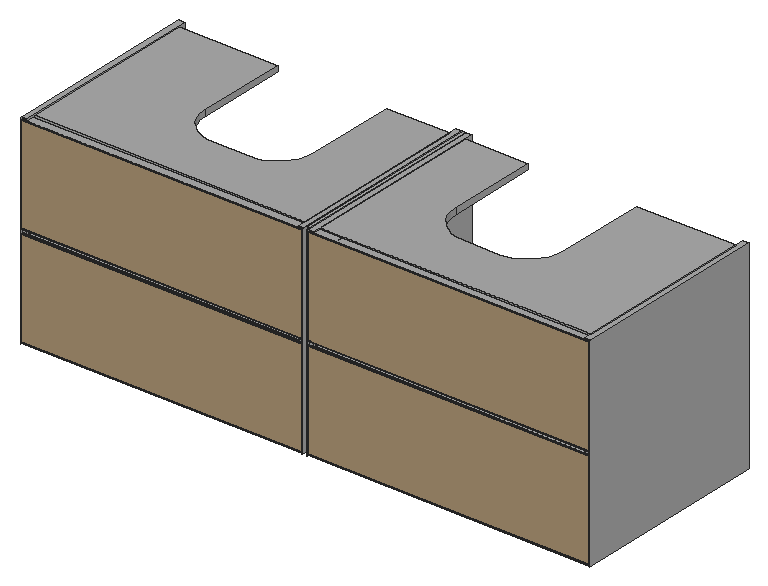
Revit family "vanity unit-hansgrohe-54201XXX-Xevolos E Vanity unit Slate Matt Grey 1570_550 with 4 drawers for consoles with 2 countertop basins ground", category Furniture, Revit 2019
Family settings
  OmniClass Number = 23.40.00.00
  OmniClass Title = Equipment and Furnishings
  Work Plane-Based = No
  Always vertical = Yes
  Cut with Voids When Loaded = No
  Shared = Yes
  Room Calculation Point = No
Parameters (values of type "54201390-SLATE_MATT_GREY-PATTEREND_BRONZE-400")
  etim7_EC011381 = "EC011381"
  WEIGHT = "86.9"
  UNSPSC = "56 | Furniture and Furnishings"
  UNIFORMATII = "E2010 | Fixed Furnishings"
  UNICLASS_2015_CODE = "40_30_78_05"
  UNICLASS2015 = "Pr_40_30_78_05 | Bathroom furniture"
  SURFACE = "PATTEREND_BRONZE"
  REGION = "Worldwide"
  PRODUCTURL = "https://pro.hansgrohe.com/articledetail--54201770"
  PERMALINK = "54201XXX"
  OMNICLASS = "23-21 19 15 33 13 | Residential Bathroom Specialty Casework"
  OBJECTTYPE = "Object (single object)"
  OBERFLAECHE = "SLATE_MATT_GREY"
  NN = "Vanity unit with 4 drawers for consoles with 2 countertop basins ground"
  NBSYN = "$ARTNR.-$OBERFLAECHE.-$SURFACE.-$LODLEVEL."
  NB = "54201390-SLATE_MATT_GREY-PATTEREND_BRONZE-400"
  NAME = "Xevolos E Vanity unit Slate Matt Grey 1570/550 with 4 drawers for consoles with 2 countertop basins ground"
  Model = "54201390-SLATE_MATT_GREY-PATTEREND_BRONZE-400"
  Manufacturer = "Hansgrohe"
  MIdent = "{$CADENAS_DATA/23d-libs/hansgrohe/xevolos_furniture/e_vanity_unit_4drawers_consoles_2countertop_basin/vanity_unit_4drawers_consoles_2countertopbasin.prj},304 {VTYP=3D},{NB=54201390-SLATE_MATT_GREY-PATTEREND_BRONZE-400},{LINA=54201390-SLATE_MATT_GREY-PATTEREND_BRONZE-400},{NN=Vanity unit with 4 drawers for consoles with 2 countertop basins ground},{DATE=13.03.2023 11:55:27},{GEOMDATE=12.03.2023 06:39:00},{VERSION=},{LINEID=160},{WBVAR=LODLEVEL},{WBNUMERIC=}  {NB=54201390-SLATE_MATT_GREY-PATTEREND_BRONZE-400},{LINA=54201390-SLATE_MATT_GREY-PATTEREND_BRONZE-400},{KT=DUMMY},{IDNR=16},{ARTNR=54201390},{BASENUMBER=54201},{MODEL=54201XXX},{OBERFLAECHE=SLATE_MATT_GREY},{SURFACE=PATTEREND_BRONZE},{L=1570},{LODLEVEL=400},{LODLEVELX='400','400','200','200'},{NAME=Xevolos E Vanity unit Slate Matt Grey 1570/550 with 4 drawers for consoles with 2 countertop basins ground},{PERMALINK=54201XXX},{OBJECTTYPE=Object (single object)},{BIMOBJECT=Sanitary: Compound units},{COLLECTIONSET=Xevolos E},{COLLECTION=vanity unit},{WEIGHT=86.9},{DESCRIPTION=Xevolos E Vanity unit Slate Matt Grey 1570/550 with 4 drawers for consoles with 2 countertop basins ground},{PRODUCTURL=https://pro.hansgrohe.com/articledetail--54201770},{GTINCODE=0},{TENDERURL=0},{IFC=Furnishing element},{ETIM=EC011381 | Bathroom furniture set},{UNICLASS2015=Pr_40_30_78_05 | Bathroom furniture},{OMNICLASS=23-21 19 15 33 13 | Residential Bathroom Specialty Casework},{MASTERFORMAT=12 35 30.23 | Bathroom Casework},{UNSPSC=56 | Furniture and Furnishings},{UNIFORMATII=E2010 | Fixed Furnishings},{REGION=Worldwide},{DESIGN=Germany},{MANUFACTURER=Germany}"
  MASTERFORMAT = "12 35 30.23 | Bathroom Casework"
  LODLEVEL = "400"
  LINA = "54201390-SLATE_MATT_GREY-PATTEREND_BRONZE-400"
  L = 1570
  IFC = "Furnishing element"
  IDNR = 16
  ETIM = "EC011381 | Bathroom furniture set"
  DESIGN = "Germany"
  COLLECTIONSET = "Xevolos E"
  COLLECTION = "vanity unit"
  CATALOG = "Hansgrohe"
  BIMOBJECT = "Sanitary: Compound units"
  BASENUMBER = "54201"
  ARTNR = "54201390"
  54201770-SLATE_MATT_GREY-METALLIC_SLATE_GREY-400_RX0RY0RZ0TX0TY0TZ0_V = no
  54201770-SLATE_MATT_GREY-METALLIC_SLATE_GREY-200_RX0RY0RZ0TX0TY0TZ0_V = no
  54201730-SLATE_MATT_GREY-DARK_OAK-400_RX0RY0RZ0TX0TY0TZ0_V = no
  54201730-SLATE_MATT_GREY-DARK_OAK-200_RX0RY0RZ0TX0TY0TZ0_V = no
  54201390-SLATE_MATT_GREY-PATTEREND_BRONZE-400_RX0RY0RZ0TX0TY0TZ0_V = yes
  54201390-SLATE_MATT_GREY-PATTEREND_BRONZE-200_RX0RY0RZ0TX0TY0TZ0_V = no
Reference planes
  plane 1 "Center (Front/Back)": y = 0
  plane 2: z = 0
  plane 3 "Center (Left/Right)": x = 0
Dimensions and locks
  aligned and locked: level to plane 2
Nested families
  nested 1: "54201390-slate_matt_grey-patterend_bronze-200_content" at (0, 0, 0), visible <- "54201390-SLATE_MATT_GREY-PATTEREND_BRONZE-200_RX0RY0RZ0TX0TY0TZ0_V", ContentVisible <- "54201390-SLATE_MATT_GREY-PATTEREND_BRONZE-200_RX0RY0RZ0TX0TY0TZ0_V", type "54201390-SLATE_MATT_GREY-PATTEREND_BRONZE-200_Content"
    with ContentVisible no
  nested 2: "54201390-slate_matt_grey-patterend_bronze-400_content" at (0, 0, 0), visible <- "54201390-SLATE_MATT_GREY-PATTEREND_BRONZE-400_RX0RY0RZ0TX0TY0TZ0_V", ContentVisible <- "54201390-SLATE_MATT_GREY-PATTEREND_BRONZE-400_RX0RY0RZ0TX0TY0TZ0_V", type "54201390-SLATE_MATT_GREY-PATTEREND_BRONZE-400_Content"
    with ContentVisible yes
  nested 3: "54201730-slate_matt_grey-dark_oak-200_content" at (0, 0, 0), visible <- "54201730-SLATE_MATT_GREY-DARK_OAK-200_RX0RY0RZ0TX0TY0TZ0_V", ContentVisible <- "54201730-SLATE_MATT_GREY-DARK_OAK-200_RX0RY0RZ0TX0TY0TZ0_V", type "54201730-SLATE_MATT_GREY-DARK_OAK-200_Content"
    with ContentVisible no
  nested 4: "54201730-slate_matt_grey-dark_oak-400_content" at (0, 0, 0), visible <- "54201730-SLATE_MATT_GREY-DARK_OAK-400_RX0RY0RZ0TX0TY0TZ0_V", ContentVisible <- "54201730-SLATE_MATT_GREY-DARK_OAK-400_RX0RY0RZ0TX0TY0TZ0_V", type "54201730-SLATE_MATT_GREY-DARK_OAK-400_Content"
    with ContentVisible no
  nested 5: "54201770-slate_matt_grey-metallic_slate_grey-200_content" at (0, 0, 0), visible <- "54201770-SLATE_MATT_GREY-METALLIC_SLATE_GREY-200_RX0RY0RZ0TX0TY0TZ0_V", ContentVisible <- "54201770-SLATE_MATT_GREY-METALLIC_SLATE_GREY-200_RX0RY0RZ0TX0TY0TZ0_V", type "54201770-SLATE_MATT_GREY-METALLIC_SLATE_GREY-200_Content"
    with ContentVisible no
  nested 6: "54201770-slate_matt_grey-metallic_slate_grey-400_content" at (0, 0, 0), visible <- "54201770-SLATE_MATT_GREY-METALLIC_SLATE_GREY-400_RX0RY0RZ0TX0TY0TZ0_V", ContentVisible <- "54201770-SLATE_MATT_GREY-METALLIC_SLATE_GREY-400_RX0RY0RZ0TX0TY0TZ0_V", type "54201770-SLATE_MATT_GREY-METALLIC_SLATE_GREY-400_Content"
    with ContentVisible no
Definition of nested family "54201390-slate_matt_grey-patterend_bronze-400_content"
  Parameters (values of type "54201390-SLATE_MATT_GREY-PATTEREND_BRONZE-400_Content")
    etim7_EC011381 = "EC011381"
    WEIGHT = "86.9"
    UNSPSC = "56 | Furniture and Furnishings"
    UNIFORMATII = "E2010 | Fixed Furnishings"
    UNICLASS_2015_CODE = "40_30_78_05"
    UNICLASS2015 = "Pr_40_30_78_05 | Bathroom furniture"
    SURFACE = "PATTEREND_BRONZE"
    REGION = "Worldwide"
    PRODUCTURL = "https://pro.hansgrohe.com/articledetail--54201770"
    PERMALINK = "54201XXX"
    OMNICLASS = "23-21 19 15 33 13 | Residential Bathroom Specialty Casework"
    OBJECTTYPE = "Object (single object)"
    OBERFLAECHE = "SLATE_MATT_GREY"
    NN = "Vanity unit with 4 drawers for consoles with 2 countertop basins ground"
    NBSYN = "$ARTNR.-$OBERFLAECHE.-$SURFACE.-$LODLEVEL."
    NB = "54201390-SLATE_MATT_GREY-PATTEREND_BRONZE-400"
    NAME = "Xevolos E Vanity unit Slate Matt Grey 1570/550 with 4 drawers for consoles with 2 countertop basins ground"
    Model = "54201390-SLATE_MATT_GREY-PATTEREND_BRONZE-400"
    Manufacturer = "Hansgrohe"
    MASTERFORMAT = "12 35 30.23 | Bathroom Casework"
    LODLEVEL = "400"
    LINA = "54201390-SLATE_MATT_GREY-PATTEREND_BRONZE-400"
    L = 1570
    IFC = "Furnishing element"
    IDNR = 16
    ETIM = "EC011381 | Bathroom furniture set"
    Default Elevation = 1219.2 mm
    DESIGN = "Germany"
    ContentVisible [instance] = yes
    COLLECTIONSET = "Xevolos E"
    COLLECTION = "vanity unit"
    CATALOG = "Hansgrohe"
    BIMOBJECT = "Sanitary: Compound units"
    BASENUMBER = "54201"
    ARTNR = "54201390"
  Reference planes
    plane 1 "Center (Front/Back)": y = 0
    plane 2: z = 0
    plane 3 "Center (Left/Right)": x = 0
  Forms (mm)
    Extrusion 1, solid, visible <- "ContentVisible", detail levels medium+fine
      sketch origin (0, 0, 0) x (1, 0, 0) y (0, 1, 0)
        loop
          line (-785, 0) -> (-785, -548.3) -> (-783, -548.3) -> (-783, -544.3) -> (-769, -544.3) -> (-769, 0) -> (-785, 0)
      from 0 to 558
    Extrusion 2, solid, visible <- "ContentVisible", detail levels medium+fine
      sketch origin (0, 0, 0) x (1, 0, 0) y (0, 1, 0)
        loop
          line (-769, -131.5) -> (-769, -498) -> (769, -498) -> (769, -131.5) -> (-769, -131.5)
      from 0 to 16
    Extrusion 3, solid, visible <- "ContentVisible", detail levels medium+fine
      sketch origin (0, 0, 0) x (1, 0, 0) y (0, 1, 0)
        loop
          line (769, 0) -> (769, -544.3) -> (783, -544.3) -> (783, -548.3) -> (785, -548.3) -> (785, 0) -> (769, 0)
      from 0 to 558
    Extrusion 4, solid, visible <- "ContentVisible", detail levels medium+fine
      sketch origin (0, 0, 0.5) x (1, 0, 0) y (0, 1, 0)
        loop
          line (-769, -115.5) -> (-769, -131.5) -> (769, -131.5) -> (769, -115.5) -> (-769, -115.5)
      from 0 to 126
    Extrusion 5, solid, visible <- "ContentVisible", detail levels medium+fine
      sketch origin (0, 0, 0) x (1, 0, 0) y (0, 1, 0)
        loop
          line (-5, -536) -> (5, -536) -> (5, 0) -> (-5, 0) -> (-5, -536)
      from 0 to 558
    Extrusion 6, solid, visible <- "ContentVisible", detail levels medium+fine
      sketch origin (0, 0, 0) x (1, 0, 0) y (0, 1, 0)
        loop
          line (-21, 0) -> (-21, -544.3) -> (-7, -544.3) -> (-7, -548.3) -> (-5, -548.3) -> (-5, 0) -> (-21, 0)
      from 0 to 558
    Extrusion 7, solid, visible <- "ContentVisible", detail levels medium+fine
      sketch origin (0, 0, 0) x (1, 0, 0) y (0, 1, 0)
        loop
          line (5, 0) -> (5, -548.3) -> (7, -548.3) -> (7, -544.3) -> (21, -544.3) -> (21, 0) -> (5, 0)
      from 0 to 558
    Extrusion 8, solid, visible <- "ContentVisible", detail levels medium+fine
      sketch origin (0, 0, 2) x (1, 0, 0) y (0, 1, 0)
        loop
          line (-783, -527) -> (-783, -548.3) -> (-7, -548.3) -> (-7, -527) -> (-783, -527)
      from 0 to 2
    Extrusion 9, solid, visible <- "ContentVisible", detail levels medium+fine
      sketch origin (0, 0, 2) x (1, 0, 0) y (0, 1, 0)
        loop
          line (7, -527) -> (7, -548.3) -> (783, -548.3) -> (783, -527) -> (7, -527)
      from 0 to 2
    Extrusion 10, solid, visible <- "ContentVisible", detail levels medium+fine
      sketch origin (0, 0, 556) x (1, 0, 0) y (0, 1, 0)
        loop
          line (-783, -527) -> (-783, -548.3) -> (-7, -548.3) -> (-7, -527) -> (-783, -527)
      from -2 to 0
    Extrusion 11, solid, visible <- "ContentVisible", detail levels medium+fine
      sketch origin (0, 0, 556) x (1, 0, 0) y (0, 1, 0)
        loop
          line (7, -527) -> (7, -548.3) -> (783, -548.3) -> (783, -527) -> (7, -527)
      from -2 to 0
    Extrusion 12, solid, visible <- "ContentVisible", detail levels medium+fine
      sketch origin (0, -544.3, 0) x (1, 0, 0) y (0, 0, -1)
        loop
          line (-783, -272.5) -> (-7, -272.5) -> (-7, -4) -> (-783, -4) -> (-783, -272.5)
      from -4 to 0
    Extrusion 13, solid, visible <- "ContentVisible", detail levels medium+fine
      sketch origin (0, -544.3, 0) x (1, 0, 0) y (0, 0, -1)
        loop
          line (7, -272.5) -> (783, -272.5) -> (783, -4) -> (7, -4) -> (7, -272.5)
      from -2 to 0
    Extrusion 14, solid, visible <- "ContentVisible", detail levels medium+fine
      sketch origin (0, -544.3, 0) x (1, 0, 0) y (0, 0, -1)
        loop
          line (-783, -554) -> (-7, -554) -> (-7, -285.5) -> (-783, -285.5) -> (-783, -554)
      from -4 to 0
    Extrusion 15, solid, visible <- "ContentVisible", detail levels medium+fine
      sketch origin (0, -544.3, 0) x (1, 0, 0) y (0, 0, -1)
        loop
          line (7, -554) -> (783, -554) -> (783, -285.5) -> (7, -285.5) -> (7, -554)
      from -4 to 0
    Extrusion 16, solid, visible <- "ContentVisible", detail levels medium+fine
      sketch origin (0, 0, 272.5) x (1, 0, 0) y (0, 1, 0)
        loop
          line (-783, -527) -> (-783, -548.3) -> (-7, -548.3) -> (-7, -527) -> (-783, -527)
      from 0 to 2
    Extrusion 17, solid, visible <- "ContentVisible", detail levels medium+fine
      sketch origin (0, 0, 272.5) x (1, 0, 0) y (0, 1, 0)
        loop
          line (7, -527) -> (7, -548.3) -> (783, -548.3) -> (783, -527) -> (7, -527)
      from 0 to 2
    Extrusion 18, solid, visible <- "ContentVisible", detail levels medium+fine
      sketch origin (0, 0, 285.5) x (1, 0, 0) y (0, 1, 0)
        loop
          line (-783, -527) -> (-783, -548.3) -> (-7, -548.3) -> (-7, -527) -> (-783, -527)
      from -2 to 0
    Extrusion 19, solid, visible <- "ContentVisible", detail levels medium+fine
      sketch origin (0, 0, 285.5) x (1, 0, 0) y (0, 1, 0)
        loop
          line (7, -527) -> (7, -548.3) -> (783, -548.3) -> (783, -527) -> (7, -527)
      from -2 to 0
    Extrusion 20, solid, visible <- "ContentVisible", detail levels medium+fine
      sketch origin (0, -544.3, 0) x (1, 0, 0) y (0, 0, -1)
        loop
          line (-783, -274.5) -> (-7, -274.5) -> (-7, -4.5) -> (-783, -4.5) -> (-783, -274.5)
        loop
          line (-709, -80.5) -> (-709, -272.5) -> (-81, -272.5) -> (-81, -80.5) -> (-709, -80.5)
      from 0 to 17
    Extrusion 21, solid, visible <- "ContentVisible", detail levels medium+fine
      sketch origin (0, -544.3, 0) x (1, 0, 0) y (0, 0, -1)
        loop
          line (7, -274.5) -> (783, -274.5) -> (783, -4.5) -> (7, -4.5) -> (7, -274.5)
        loop
          line (81, -80.5) -> (81, -272.5) -> (709, -272.5) -> (709, -80.5) -> (81, -80.5)
      from 0 to 17
    Extrusion 22, solid, visible <- "ContentVisible", detail levels medium+fine
      sketch origin (0, -544.3, 0) x (1, 0, 0) y (0, 0, -1)
        loop
          line (-783, -553.5) -> (-707, -553.5) -> (-707, -361.5) -> (-83, -361.5) -> (-83, -553.5) -> (-7, -553.5) -> (-7, -285.5) -> (-783, -285.5) -> (-783, -553.5)
      from 0 to 17
    Extrusion 23, solid, visible <- "ContentVisible", detail levels medium+fine
      sketch origin (0, -544.3, 0) x (1, 0, 0) y (0, 0, -1)
        loop
          line (7, -285.5) -> (7, -553.5) -> (83, -553.5) -> (83, -361.5) -> (707, -361.5) -> (707, -553.5) -> (783, -553.5) -> (783, -285.5) -> (7, -285.5)
      from 0 to 17
    Extrusion 24, solid, visible <- "ContentVisible", detail levels medium+fine
      sketch origin (0, 0, 0) x (0, 0, -1) y (0, 1, 0)
        loop
          line (-285, -395.5) -> (-285, -520) -> (-269, -520) -> (-269, -395.5) -> (-285, -395.5)
      from -769 to 769
    Extrusion 25, solid, visible <- "ContentVisible", detail levels medium+fine
      sketch origin (0, 0, 557.5) x (1, 0, 0) y (0, 1, 0)
        loop
          line (-769, -521.5) -> (-21, -521.5) -> (-21, -23) -> (-195, -23) -> (-195, -273)
          arc (-195, -273) -> (-224.289, -343.711) -> (-295, -373) r 100
          line (-295, -373) -> (-395, -373)
          arc (-395, -373) -> (-465.711, -343.711) -> (-495, -273) r 100
          line (-495, -273) -> (-495, -23) -> (-769, -23) -> (-769, -521.5)
      from -16 to 0
    Extrusion 26, solid, visible <- "ContentVisible", detail levels medium+fine
      sketch origin (0, 0, 557.5) x (1, 0, 0) y (0, 1, 0)
        loop
          line (21, -23) -> (21, -521.5) -> (769, -521.5) -> (769, -23) -> (495, -23) -> (495, -273)
          arc (495, -273) -> (465.711, -343.711) -> (395, -373) r 100
          line (395, -373) -> (295, -373)
          arc (295, -373) -> (224.289, -343.711) -> (195, -273) r 100
          line (195, -273) -> (195, -23) -> (21, -23)
      from -16 to 0
    Extrusion 27, solid, visible <- "ContentVisible", detail levels coarse
      sketch origin (0, -274.15, 0) x (1, 0, 0) y (0, 1, 0)
        loop
          line (-785, -274.15) -> (785, -274.15) -> (785, 274.15) -> (-785, 274.15) -> (-785, -274.15)
      from 0 to 558
  Dimensions and locks
    aligned and locked: level to plane 2
Definition of nested family "54201390-slate_matt_grey-patterend_bronze-200_content"
  Parameters (values of type "54201390-SLATE_MATT_GREY-PATTEREND_BRONZE-200_Content")
    etim7_EC011381 = "EC011381"
    WEIGHT = "86.9"
    UNSPSC = "56 | Furniture and Furnishings"
    UNIFORMATII = "E2010 | Fixed Furnishings"
    UNICLASS_2015_CODE = "40_30_78_05"
    UNICLASS2015 = "Pr_40_30_78_05 | Bathroom furniture"
    SURFACE = "PATTEREND_BRONZE"
    REGION = "Worldwide"
    PRODUCTURL = "https://pro.hansgrohe.com/articledetail--54201770"
    PERMALINK = "54201XXX"
    OMNICLASS = "23-21 19 15 33 13 | Residential Bathroom Specialty Casework"
    OBJECTTYPE = "Object (single object)"
    OBERFLAECHE = "SLATE_MATT_GREY"
    NN = "Vanity unit with 4 drawers for consoles with 2 countertop basins ground"
    NBSYN = "$ARTNR.-$OBERFLAECHE.-$SURFACE.-$LODLEVEL."
    NB = "54201390-SLATE_MATT_GREY-PATTEREND_BRONZE-200"
    NAME = "Xevolos E Vanity unit Slate Matt Grey 1570/550 with 4 drawers for consoles with 2 countertop basins ground"
    Model = "54201390-SLATE_MATT_GREY-PATTEREND_BRONZE-200"
    Manufacturer = "Hansgrohe"
    MASTERFORMAT = "12 35 30.23 | Bathroom Casework"
    LODLEVEL = "200"
    LINA = "54201390-SLATE_MATT_GREY-PATTEREND_BRONZE-200"
    L = 1570
    IFC = "Furnishing element"
    IDNR = 16
    ETIM = "EC011381 | Bathroom furniture set"
    Default Elevation = 1219.2 mm
    DESIGN = "Germany"
    ContentVisible [instance] = yes
    COLLECTIONSET = "Xevolos E"
    COLLECTION = "vanity unit"
    CATALOG = "Hansgrohe"
    BIMOBJECT = "Sanitary: Compound units"
    BASENUMBER = "54201"
    ARTNR = "54201390"
  Reference planes
    plane 1 "Center (Front/Back)": y = 0
    plane 2: z = 0
    plane 3 "Center (Left/Right)": x = 0
  Forms (mm)
    Extrusion 1, solid, visible <- "ContentVisible", detail levels medium+fine
      sketch origin (0, 0, 0) x (1, 0, 0) y (0, 1, 0)
        loop
          line (-785, 0) -> (-785, -544.3) -> (785, -544.3) -> (785, 0) -> (-785, 0)
      from 0 to 558
    Extrusion 2, solid, visible <- "ContentVisible", detail levels medium+fine
      sketch origin (0, -544.3, 0) x (1, 0, 0) y (0, 0, -1)
        loop
          line (-785, -278) -> (-783, -278) -> (-783, -4) -> (783, -4) -> (783, -278) -> (785, -278) -> (785, -2) -> (-785, -2) -> (-785, -278)
      from -4 to 0
    Extrusion 3, solid, visible <- "ContentVisible", detail levels medium+fine
      sketch origin (0, -544.3, 0) x (1, 0, 0) y (0, 0, -1)
        loop
          line (-785, -278) -> (-785, -554) -> (785, -554) -> (785, -278) -> (783, -278) -> (783, -552) -> (-783, -552) -> (-783, -278) -> (-785, -278)
      from -4 to 0
    Extrusion 4, solid, visible <- "ContentVisible", detail levels medium+fine
      sketch origin (0, -544.3, 0) x (1, 0, 0) y (0, 0, -1)
        loop
          line (-783, -272.5) -> (-7, -272.5) -> (-7, -4) -> (-783, -4) -> (-783, -272.5)
      from -4 to 0
    Extrusion 5, solid, visible <- "ContentVisible", detail levels medium+fine
      sketch origin (0, -544.3, 0) x (1, 0, 0) y (0, 0, -1)
        loop
          line (7, -272.5) -> (783, -272.5) -> (783, -4) -> (7, -4) -> (7, -272.5)
      from -2 to 0
    Extrusion 6, solid, visible <- "ContentVisible", detail levels medium+fine
      sketch origin (0, -544.3, 0) x (1, 0, 0) y (0, 0, -1)
        loop
          line (-783, -554) -> (-7, -554) -> (-7, -285.5) -> (-783, -285.5) -> (-783, -554)
      from -4 to 0
    Extrusion 7, solid, visible <- "ContentVisible", detail levels medium+fine
      sketch origin (0, -544.3, 0) x (1, 0, 0) y (0, 0, -1)
        loop
          line (7, -554) -> (783, -554) -> (783, -285.5) -> (7, -285.5) -> (7, -554)
      from -4 to 0
    Extrusion 8, solid, visible <- "ContentVisible", detail levels medium+fine
      sketch origin (0, 0, 272.5) x (1, 0, 0) y (0, 1, 0)
        loop
          line (-783, -527) -> (-783, -548.3) -> (-7, -548.3) -> (-7, -527) -> (-783, -527)
      from 0 to 2
    Extrusion 9, solid, visible <- "ContentVisible", detail levels medium+fine
      sketch origin (0, 0, 272.5) x (1, 0, 0) y (0, 1, 0)
        loop
          line (7, -527) -> (7, -548.3) -> (783, -548.3) -> (783, -527) -> (7, -527)
      from 0 to 2
    Extrusion 10, solid, visible <- "ContentVisible", detail levels medium+fine
      sketch origin (0, 0, 285.5) x (1, 0, 0) y (0, 1, 0)
        loop
          line (-783, -527) -> (-783, -548.3) -> (-7, -548.3) -> (-7, -527) -> (-783, -527)
      from -2 to 0
    Extrusion 11, solid, visible <- "ContentVisible", detail levels medium+fine
      sketch origin (0, 0, 285.5) x (1, 0, 0) y (0, 1, 0)
        loop
          line (7, -527) -> (7, -548.3) -> (783, -548.3) -> (783, -527) -> (7, -527)
      from -2 to 0
    Extrusion 12, solid, visible <- "ContentVisible", detail levels medium+fine
      sketch origin (0, 0, 0) x (1, 0, 0) y (0, 1, 0)
        loop
          line (-7, -544.3) -> (-7, -548.3) -> (-5, -548.3) -> (-5, -544.3) -> (-7, -544.3)
      from 0 to 554
    Extrusion 13, solid, visible <- "ContentVisible", detail levels medium+fine
      sketch origin (0, 0, 0) x (1, 0, 0) y (0, 1, 0)
        loop
          line (5, -544.3) -> (5, -548.3) -> (7, -548.3) -> (7, -544.3) -> (5, -544.3)
      from 0 to 554
    Extrusion 14, solid, visible <- "ContentVisible", detail levels coarse
      sketch origin (0, -274.15, 0) x (1, 0, 0) y (0, 1, 0)
        loop
          line (-785, -274.15) -> (785, -274.15) -> (785, 274.15) -> (-785, 274.15) -> (-785, -274.15)
      from 0 to 558
  Dimensions and locks
    aligned and locked: level to plane 2
Definition of nested family "54201730-slate_matt_grey-dark_oak-200_content"
  Parameters (values of type "54201730-SLATE_MATT_GREY-DARK_OAK-200_Content")
    etim7_EC011381 = "EC011381"
    WEIGHT = "86.9"
    UNSPSC = "56 | Furniture and Furnishings"
    UNIFORMATII = "E2010 | Fixed Furnishings"
    UNICLASS_2015_CODE = "40_30_78_05"
    UNICLASS2015 = "Pr_40_30_78_05 | Bathroom furniture"
    SURFACE = "DARK_OAK"
    REGION = "Worldwide"
    PRODUCTURL = "https://pro.hansgrohe.com/articledetail--54201770"
    PERMALINK = "54201XXX"
    OMNICLASS = "23-21 19 15 33 13 | Residential Bathroom Specialty Casework"
    OBJECTTYPE = "Object (single object)"
    OBERFLAECHE = "SLATE_MATT_GREY"
    NN = "Vanity unit with 4 drawers for consoles with 2 countertop basins ground"
    NBSYN = "$ARTNR.-$OBERFLAECHE.-$SURFACE.-$LODLEVEL."
    NB = "54201730-SLATE_MATT_GREY-DARK_OAK-200"
    NAME = "Xevolos E Vanity unit Slate Matt Grey 1570/550 with 4 drawers for consoles with 2 countertop basins ground"
    Model = "54201730-SLATE_MATT_GREY-DARK_OAK-200"
    Manufacturer = "Hansgrohe"
    MASTERFORMAT = "12 35 30.23 | Bathroom Casework"
    LODLEVEL = "200"
    LINA = "54201730-SLATE_MATT_GREY-DARK_OAK-200"
    L = 1570
    IFC = "Furnishing element"
    IDNR = 17
    ETIM = "EC011381 | Bathroom furniture set"
    Default Elevation = 1219.2 mm
    DESIGN = "Germany"
    ContentVisible [instance] = yes
    COLLECTIONSET = "Xevolos E"
    COLLECTION = "vanity unit"
    CATALOG = "Hansgrohe"
    BIMOBJECT = "Sanitary: Compound units"
    BASENUMBER = "54201"
    ARTNR = "54201730"
  Reference planes
    plane 1 "Center (Front/Back)": y = 0
    plane 2: z = 0
    plane 3 "Center (Left/Right)": x = 0
  Forms (mm)
    Extrusion 1, solid, visible <- "ContentVisible", detail levels medium+fine
      sketch origin (0, 0, 0) x (1, 0, 0) y (0, 1, 0)
        loop
          line (-785, 0) -> (-785, -544.3) -> (785, -544.3) -> (785, 0) -> (-785, 0)
      from 0 to 558
    Extrusion 2, solid, visible <- "ContentVisible", detail levels medium+fine
      sketch origin (0, -544.3, 0) x (1, 0, 0) y (0, 0, -1)
        loop
          line (-785, -278) -> (-783, -278) -> (-783, -4) -> (783, -4) -> (783, -278) -> (785, -278) -> (785, -2) -> (-785, -2) -> (-785, -278)
      from -4 to 0
    Extrusion 3, solid, visible <- "ContentVisible", detail levels medium+fine
      sketch origin (0, -544.3, 0) x (1, 0, 0) y (0, 0, -1)
        loop
          line (-785, -278) -> (-785, -554) -> (785, -554) -> (785, -278) -> (783, -278) -> (783, -552) -> (-783, -552) -> (-783, -278) -> (-785, -278)
      from -4 to 0
    Extrusion 4, solid, visible <- "ContentVisible", detail levels medium+fine
      sketch origin (0, -544.3, 0) x (1, 0, 0) y (0, 0, -1)
        loop
          line (-783, -272.5) -> (-7, -272.5) -> (-7, -4) -> (-783, -4) -> (-783, -272.5)
      from -4 to 0
    Extrusion 5, solid, visible <- "ContentVisible", detail levels medium+fine
      sketch origin (0, -544.3, 0) x (1, 0, 0) y (0, 0, -1)
        loop
          line (7, -272.5) -> (783, -272.5) -> (783, -4) -> (7, -4) -> (7, -272.5)
      from -2 to 0
    Extrusion 6, solid, visible <- "ContentVisible", detail levels medium+fine
      sketch origin (0, -544.3, 0) x (1, 0, 0) y (0, 0, -1)
        loop
          line (-783, -554) -> (-7, -554) -> (-7, -285.5) -> (-783, -285.5) -> (-783, -554)
      from -4 to 0
    Extrusion 7, solid, visible <- "ContentVisible", detail levels medium+fine
      sketch origin (0, -544.3, 0) x (1, 0, 0) y (0, 0, -1)
        loop
          line (7, -554) -> (783, -554) -> (783, -285.5) -> (7, -285.5) -> (7, -554)
      from -4 to 0
    Extrusion 8, solid, visible <- "ContentVisible", detail levels medium+fine
      sketch origin (0, 0, 272.5) x (1, 0, 0) y (0, 1, 0)
        loop
          line (-783, -527) -> (-783, -548.3) -> (-7, -548.3) -> (-7, -527) -> (-783, -527)
      from 0 to 2
    Extrusion 9, solid, visible <- "ContentVisible", detail levels medium+fine
      sketch origin (0, 0, 272.5) x (1, 0, 0) y (0, 1, 0)
        loop
          line (7, -527) -> (7, -548.3) -> (783, -548.3) -> (783, -527) -> (7, -527)
      from 0 to 2
    Extrusion 10, solid, visible <- "ContentVisible", detail levels medium+fine
      sketch origin (0, 0, 285.5) x (1, 0, 0) y (0, 1, 0)
        loop
          line (-783, -527) -> (-783, -548.3) -> (-7, -548.3) -> (-7, -527) -> (-783, -527)
      from -2 to 0
    Extrusion 11, solid, visible <- "ContentVisible", detail levels medium+fine
      sketch origin (0, 0, 285.5) x (1, 0, 0) y (0, 1, 0)
        loop
          line (7, -527) -> (7, -548.3) -> (783, -548.3) -> (783, -527) -> (7, -527)
      from -2 to 0
    Extrusion 12, solid, visible <- "ContentVisible", detail levels medium+fine
      sketch origin (0, 0, 0) x (1, 0, 0) y (0, 1, 0)
        loop
          line (-7, -544.3) -> (-7, -548.3) -> (-5, -548.3) -> (-5, -544.3) -> (-7, -544.3)
      from 0 to 554
    Extrusion 13, solid, visible <- "ContentVisible", detail levels medium+fine
      sketch origin (0, 0, 0) x (1, 0, 0) y (0, 1, 0)
        loop
          line (5, -544.3) -> (5, -548.3) -> (7, -548.3) -> (7, -544.3) -> (5, -544.3)
      from 0 to 554
    Extrusion 14, solid, visible <- "ContentVisible", detail levels coarse
      sketch origin (0, -274.15, 0) x (1, 0, 0) y (0, 1, 0)
        loop
          line (-785, -274.15) -> (785, -274.15) -> (785, 274.15) -> (-785, 274.15) -> (-785, -274.15)
      from 0 to 558
  Dimensions and locks
    aligned and locked: level to plane 2
Definition of nested family "54201730-slate_matt_grey-dark_oak-400_content"
  Parameters (values of type "54201730-SLATE_MATT_GREY-DARK_OAK-400_Content")
    etim7_EC011381 = "EC011381"
    WEIGHT = "86.9"
    UNSPSC = "56 | Furniture and Furnishings"
    UNIFORMATII = "E2010 | Fixed Furnishings"
    UNICLASS_2015_CODE = "40_30_78_05"
    UNICLASS2015 = "Pr_40_30_78_05 | Bathroom furniture"
    SURFACE = "DARK_OAK"
    REGION = "Worldwide"
    PRODUCTURL = "https://pro.hansgrohe.com/articledetail--54201770"
    PERMALINK = "54201XXX"
    OMNICLASS = "23-21 19 15 33 13 | Residential Bathroom Specialty Casework"
    OBJECTTYPE = "Object (single object)"
    OBERFLAECHE = "SLATE_MATT_GREY"
    NN = "Vanity unit with 4 drawers for consoles with 2 countertop basins ground"
    NBSYN = "$ARTNR.-$OBERFLAECHE.-$SURFACE.-$LODLEVEL."
    NB = "54201730-SLATE_MATT_GREY-DARK_OAK-400"
    NAME = "Xevolos E Vanity unit Slate Matt Grey 1570/550 with 4 drawers for consoles with 2 countertop basins ground"
    Model = "54201730-SLATE_MATT_GREY-DARK_OAK-400"
    Manufacturer = "Hansgrohe"
    MASTERFORMAT = "12 35 30.23 | Bathroom Casework"
    LODLEVEL = "400"
    LINA = "54201730-SLATE_MATT_GREY-DARK_OAK-400"
    L = 1570
    IFC = "Furnishing element"
    IDNR = 17
    ETIM = "EC011381 | Bathroom furniture set"
    Default Elevation = 1219.2 mm
    DESIGN = "Germany"
    ContentVisible [instance] = yes
    COLLECTIONSET = "Xevolos E"
    COLLECTION = "vanity unit"
    CATALOG = "Hansgrohe"
    BIMOBJECT = "Sanitary: Compound units"
    BASENUMBER = "54201"
    ARTNR = "54201730"
  Reference planes
    plane 1 "Center (Front/Back)": y = 0
    plane 2: z = 0
    plane 3 "Center (Left/Right)": x = 0
  Forms (mm)
    Extrusion 1, solid, visible <- "ContentVisible", detail levels medium+fine
      sketch origin (0, 0, 0) x (1, 0, 0) y (0, 1, 0)
        loop
          line (-785, 0) -> (-785, -548.3) -> (-783, -548.3) -> (-783, -544.3) -> (-769, -544.3) -> (-769, 0) -> (-785, 0)
      from 0 to 558
    Extrusion 2, solid, visible <- "ContentVisible", detail levels medium+fine
      sketch origin (0, 0, 0) x (1, 0, 0) y (0, 1, 0)
        loop
          line (-769, -131.5) -> (-769, -498) -> (769, -498) -> (769, -131.5) -> (-769, -131.5)
      from 0 to 16
    Extrusion 3, solid, visible <- "ContentVisible", detail levels medium+fine
      sketch origin (0, 0, 0) x (1, 0, 0) y (0, 1, 0)
        loop
          line (769, 0) -> (769, -544.3) -> (783, -544.3) -> (783, -548.3) -> (785, -548.3) -> (785, 0) -> (769, 0)
      from 0 to 558
    Extrusion 4, solid, visible <- "ContentVisible", detail levels medium+fine
      sketch origin (0, 0, 0.5) x (1, 0, 0) y (0, 1, 0)
        loop
          line (-769, -115.5) -> (-769, -131.5) -> (769, -131.5) -> (769, -115.5) -> (-769, -115.5)
      from 0 to 126
    Extrusion 5, solid, visible <- "ContentVisible", detail levels medium+fine
      sketch origin (0, 0, 0) x (1, 0, 0) y (0, 1, 0)
        loop
          line (-5, -536) -> (5, -536) -> (5, 0) -> (-5, 0) -> (-5, -536)
      from 0 to 558
    Extrusion 6, solid, visible <- "ContentVisible", detail levels medium+fine
      sketch origin (0, 0, 0) x (1, 0, 0) y (0, 1, 0)
        loop
          line (-21, 0) -> (-21, -544.3) -> (-7, -544.3) -> (-7, -548.3) -> (-5, -548.3) -> (-5, 0) -> (-21, 0)
      from 0 to 558
    Extrusion 7, solid, visible <- "ContentVisible", detail levels medium+fine
      sketch origin (0, 0, 0) x (1, 0, 0) y (0, 1, 0)
        loop
          line (5, 0) -> (5, -548.3) -> (7, -548.3) -> (7, -544.3) -> (21, -544.3) -> (21, 0) -> (5, 0)
      from 0 to 558
    Extrusion 8, solid, visible <- "ContentVisible", detail levels medium+fine
      sketch origin (0, 0, 2) x (1, 0, 0) y (0, 1, 0)
        loop
          line (-783, -527) -> (-783, -548.3) -> (-7, -548.3) -> (-7, -527) -> (-783, -527)
      from 0 to 2
    Extrusion 9, solid, visible <- "ContentVisible", detail levels medium+fine
      sketch origin (0, 0, 2) x (1, 0, 0) y (0, 1, 0)
        loop
          line (7, -527) -> (7, -548.3) -> (783, -548.3) -> (783, -527) -> (7, -527)
      from 0 to 2
    Extrusion 10, solid, visible <- "ContentVisible", detail levels medium+fine
      sketch origin (0, 0, 556) x (1, 0, 0) y (0, 1, 0)
        loop
          line (-783, -527) -> (-783, -548.3) -> (-7, -548.3) -> (-7, -527) -> (-783, -527)
      from -2 to 0
    Extrusion 11, solid, visible <- "ContentVisible", detail levels medium+fine
      sketch origin (0, 0, 556) x (1, 0, 0) y (0, 1, 0)
        loop
          line (7, -527) -> (7, -548.3) -> (783, -548.3) -> (783, -527) -> (7, -527)
      from -2 to 0
    Extrusion 12, solid, visible <- "ContentVisible", detail levels medium+fine
      sketch origin (0, -544.3, 0) x (1, 0, 0) y (0, 0, -1)
        loop
          line (-783, -272.5) -> (-7, -272.5) -> (-7, -4) -> (-783, -4) -> (-783, -272.5)
      from -4 to 0
    Extrusion 13, solid, visible <- "ContentVisible", detail levels medium+fine
      sketch origin (0, -544.3, 0) x (1, 0, 0) y (0, 0, -1)
        loop
          line (7, -272.5) -> (783, -272.5) -> (783, -4) -> (7, -4) -> (7, -272.5)
      from -2 to 0
    Extrusion 14, solid, visible <- "ContentVisible", detail levels medium+fine
      sketch origin (0, -544.3, 0) x (1, 0, 0) y (0, 0, -1)
        loop
          line (-783, -554) -> (-7, -554) -> (-7, -285.5) -> (-783, -285.5) -> (-783, -554)
      from -4 to 0
    Extrusion 15, solid, visible <- "ContentVisible", detail levels medium+fine
      sketch origin (0, -544.3, 0) x (1, 0, 0) y (0, 0, -1)
        loop
          line (7, -554) -> (783, -554) -> (783, -285.5) -> (7, -285.5) -> (7, -554)
      from -4 to 0
    Extrusion 16, solid, visible <- "ContentVisible", detail levels medium+fine
      sketch origin (0, 0, 272.5) x (1, 0, 0) y (0, 1, 0)
        loop
          line (-783, -527) -> (-783, -548.3) -> (-7, -548.3) -> (-7, -527) -> (-783, -527)
      from 0 to 2
    Extrusion 17, solid, visible <- "ContentVisible", detail levels medium+fine
      sketch origin (0, 0, 272.5) x (1, 0, 0) y (0, 1, 0)
        loop
          line (7, -527) -> (7, -548.3) -> (783, -548.3) -> (783, -527) -> (7, -527)
      from 0 to 2
    Extrusion 18, solid, visible <- "ContentVisible", detail levels medium+fine
      sketch origin (0, 0, 285.5) x (1, 0, 0) y (0, 1, 0)
        loop
          line (-783, -527) -> (-783, -548.3) -> (-7, -548.3) -> (-7, -527) -> (-783, -527)
      from -2 to 0
    Extrusion 19, solid, visible <- "ContentVisible", detail levels medium+fine
      sketch origin (0, 0, 285.5) x (1, 0, 0) y (0, 1, 0)
        loop
          line (7, -527) -> (7, -548.3) -> (783, -548.3) -> (783, -527) -> (7, -527)
      from -2 to 0
    Extrusion 20, solid, visible <- "ContentVisible", detail levels medium+fine
      sketch origin (0, -544.3, 0) x (1, 0, 0) y (0, 0, -1)
        loop
          line (-783, -274.5) -> (-7, -274.5) -> (-7, -4.5) -> (-783, -4.5) -> (-783, -274.5)
        loop
          line (-709, -80.5) -> (-709, -272.5) -> (-81, -272.5) -> (-81, -80.5) -> (-709, -80.5)
      from 0 to 17
    Extrusion 21, solid, visible <- "ContentVisible", detail levels medium+fine
      sketch origin (0, -544.3, 0) x (1, 0, 0) y (0, 0, -1)
        loop
          line (7, -274.5) -> (783, -274.5) -> (783, -4.5) -> (7, -4.5) -> (7, -274.5)
        loop
          line (81, -80.5) -> (81, -272.5) -> (709, -272.5) -> (709, -80.5) -> (81, -80.5)
      from 0 to 17
    Extrusion 22, solid, visible <- "ContentVisible", detail levels medium+fine
      sketch origin (0, -544.3, 0) x (1, 0, 0) y (0, 0, -1)
        loop
          line (-783, -553.5) -> (-707, -553.5) -> (-707, -361.5) -> (-83, -361.5) -> (-83, -553.5) -> (-7, -553.5) -> (-7, -285.5) -> (-783, -285.5) -> (-783, -553.5)
      from 0 to 17
    Extrusion 23, solid, visible <- "ContentVisible", detail levels medium+fine
      sketch origin (0, -544.3, 0) x (1, 0, 0) y (0, 0, -1)
        loop
          line (7, -285.5) -> (7, -553.5) -> (83, -553.5) -> (83, -361.5) -> (707, -361.5) -> (707, -553.5) -> (783, -553.5) -> (783, -285.5) -> (7, -285.5)
      from 0 to 17
    Extrusion 24, solid, visible <- "ContentVisible", detail levels medium+fine
      sketch origin (0, 0, 0) x (0, 0, -1) y (0, 1, 0)
        loop
          line (-285, -395.5) -> (-285, -520) -> (-269, -520) -> (-269, -395.5) -> (-285, -395.5)
      from -769 to 769
    Extrusion 25, solid, visible <- "ContentVisible", detail levels medium+fine
      sketch origin (0, 0, 557.5) x (1, 0, 0) y (0, 1, 0)
        loop
          line (-769, -521.5) -> (-21, -521.5) -> (-21, -23) -> (-195, -23) -> (-195, -273)
          arc (-195, -273) -> (-224.289, -343.711) -> (-295, -373) r 100
          line (-295, -373) -> (-395, -373)
          arc (-395, -373) -> (-465.711, -343.711) -> (-495, -273) r 100
          line (-495, -273) -> (-495, -23) -> (-769, -23) -> (-769, -521.5)
      from -16 to 0
    Extrusion 26, solid, visible <- "ContentVisible", detail levels medium+fine
      sketch origin (0, 0, 557.5) x (1, 0, 0) y (0, 1, 0)
        loop
          line (21, -23) -> (21, -521.5) -> (769, -521.5) -> (769, -23) -> (495, -23) -> (495, -273)
          arc (495, -273) -> (465.711, -343.711) -> (395, -373) r 100
          line (395, -373) -> (295, -373)
          arc (295, -373) -> (224.289, -343.711) -> (195, -273) r 100
          line (195, -273) -> (195, -23) -> (21, -23)
      from -16 to 0
    Extrusion 27, solid, visible <- "ContentVisible", detail levels coarse
      sketch origin (0, -274.15, 0) x (1, 0, 0) y (0, 1, 0)
        loop
          line (-785, -274.15) -> (785, -274.15) -> (785, 274.15) -> (-785, 274.15) -> (-785, -274.15)
      from 0 to 558
  Dimensions and locks
    aligned and locked: level to plane 2
Definition of nested family "54201770-slate_matt_grey-metallic_slate_grey-200_content"
  Parameters (values of type "54201770-SLATE_MATT_GREY-METALLIC_SLATE_GREY-200_Content")
    etim7_EC011381 = "EC011381"
    WEIGHT = "86.9"
    UNSPSC = "56 | Furniture and Furnishings"
    UNIFORMATII = "E2010 | Fixed Furnishings"
    UNICLASS_2015_CODE = "40_30_78_05"
    UNICLASS2015 = "Pr_40_30_78_05 | Bathroom furniture"
    SURFACE = "METALLIC_SLATE_GREY"
    REGION = "Worldwide"
    PRODUCTURL = "https://pro.hansgrohe.com/articledetail--54201770"
    PERMALINK = "54201XXX"
    OMNICLASS = "23-21 19 15 33 13 | Residential Bathroom Specialty Casework"
    OBJECTTYPE = "Object (single object)"
    OBERFLAECHE = "SLATE_MATT_GREY"
    NN = "Vanity unit with 4 drawers for consoles with 2 countertop basins ground"
    NBSYN = "$ARTNR.-$OBERFLAECHE.-$SURFACE.-$LODLEVEL."
    NB = "54201770-SLATE_MATT_GREY-METALLIC_SLATE_GREY-200"
    NAME = "Xevolos E Vanity unit Slate Matt Grey 1570/550 with 4 drawers for consoles with 2 countertop basins ground"
    Model = "54201770-SLATE_MATT_GREY-METALLIC_SLATE_GREY-200"
    Manufacturer = "Hansgrohe"
    MASTERFORMAT = "12 35 30.23 | Bathroom Casework"
    LODLEVEL = "200"
    LINA = "54201770-SLATE_MATT_GREY-METALLIC_SLATE_GREY-200"
    L = 1570
    IFC = "Furnishing element"
    IDNR = 18
    ETIM = "EC011381 | Bathroom furniture set"
    Default Elevation = 1219.2 mm
    DESIGN = "Germany"
    ContentVisible [instance] = yes
    COLLECTIONSET = "Xevolos E"
    COLLECTION = "vanity unit"
    CATALOG = "Hansgrohe"
    BIMOBJECT = "Sanitary: Compound units"
    BASENUMBER = "54201"
    ARTNR = "54201770"
  Reference planes
    plane 1 "Center (Front/Back)": y = 0
    plane 2: z = 0
    plane 3 "Center (Left/Right)": x = 0
  Forms (mm)
    Extrusion 1, solid, visible <- "ContentVisible", detail levels medium+fine
      sketch origin (0, 0, 0) x (1, 0, 0) y (0, 1, 0)
        loop
          line (-785, 0) -> (-785, -544.3) -> (785, -544.3) -> (785, 0) -> (-785, 0)
      from 0 to 558
    Extrusion 2, solid, visible <- "ContentVisible", detail levels medium+fine
      sketch origin (0, -544.3, 0) x (1, 0, 0) y (0, 0, -1)
        loop
          line (-785, -278) -> (-783, -278) -> (-783, -4) -> (783, -4) -> (783, -278) -> (785, -278) -> (785, -2) -> (-785, -2) -> (-785, -278)
      from -4 to 0
    Extrusion 3, solid, visible <- "ContentVisible", detail levels medium+fine
      sketch origin (0, -544.3, 0) x (1, 0, 0) y (0, 0, -1)
        loop
          line (-785, -278) -> (-785, -554) -> (785, -554) -> (785, -278) -> (783, -278) -> (783, -552) -> (-783, -552) -> (-783, -278) -> (-785, -278)
      from -4 to 0
    Extrusion 4, solid, visible <- "ContentVisible", detail levels medium+fine
      sketch origin (0, -544.3, 0) x (1, 0, 0) y (0, 0, -1)
        loop
          line (-783, -272.5) -> (-7, -272.5) -> (-7, -4) -> (-783, -4) -> (-783, -272.5)
      from -4 to 0
    Extrusion 5, solid, visible <- "ContentVisible", detail levels medium+fine
      sketch origin (0, -544.3, 0) x (1, 0, 0) y (0, 0, -1)
        loop
          line (7, -272.5) -> (783, -272.5) -> (783, -4) -> (7, -4) -> (7, -272.5)
      from -2 to 0
    Extrusion 6, solid, visible <- "ContentVisible", detail levels medium+fine
      sketch origin (0, -544.3, 0) x (1, 0, 0) y (0, 0, -1)
        loop
          line (-783, -554) -> (-7, -554) -> (-7, -285.5) -> (-783, -285.5) -> (-783, -554)
      from -4 to 0
    Extrusion 7, solid, visible <- "ContentVisible", detail levels medium+fine
      sketch origin (0, -544.3, 0) x (1, 0, 0) y (0, 0, -1)
        loop
          line (7, -554) -> (783, -554) -> (783, -285.5) -> (7, -285.5) -> (7, -554)
      from -4 to 0
    Extrusion 8, solid, visible <- "ContentVisible", detail levels medium+fine
      sketch origin (0, 0, 272.5) x (1, 0, 0) y (0, 1, 0)
        loop
          line (-783, -527) -> (-783, -548.3) -> (-7, -548.3) -> (-7, -527) -> (-783, -527)
      from 0 to 2
    Extrusion 9, solid, visible <- "ContentVisible", detail levels medium+fine
      sketch origin (0, 0, 272.5) x (1, 0, 0) y (0, 1, 0)
        loop
          line (7, -527) -> (7, -548.3) -> (783, -548.3) -> (783, -527) -> (7, -527)
      from 0 to 2
    Extrusion 10, solid, visible <- "ContentVisible", detail levels medium+fine
      sketch origin (0, 0, 285.5) x (1, 0, 0) y (0, 1, 0)
        loop
          line (-783, -527) -> (-783, -548.3) -> (-7, -548.3) -> (-7, -527) -> (-783, -527)
      from -2 to 0
    Extrusion 11, solid, visible <- "ContentVisible", detail levels medium+fine
      sketch origin (0, 0, 285.5) x (1, 0, 0) y (0, 1, 0)
        loop
          line (7, -527) -> (7, -548.3) -> (783, -548.3) -> (783, -527) -> (7, -527)
      from -2 to 0
    Extrusion 12, solid, visible <- "ContentVisible", detail levels medium+fine
      sketch origin (0, 0, 0) x (1, 0, 0) y (0, 1, 0)
        loop
          line (-7, -544.3) -> (-7, -548.3) -> (-5, -548.3) -> (-5, -544.3) -> (-7, -544.3)
      from 0 to 554
    Extrusion 13, solid, visible <- "ContentVisible", detail levels medium+fine
      sketch origin (0, 0, 0) x (1, 0, 0) y (0, 1, 0)
        loop
          line (5, -544.3) -> (5, -548.3) -> (7, -548.3) -> (7, -544.3) -> (5, -544.3)
      from 0 to 554
    Extrusion 14, solid, visible <- "ContentVisible", detail levels coarse
      sketch origin (0, -274.15, 0) x (1, 0, 0) y (0, 1, 0)
        loop
          line (-785, -274.15) -> (785, -274.15) -> (785, 274.15) -> (-785, 274.15) -> (-785, -274.15)
      from 0 to 558
  Dimensions and locks
    aligned and locked: level to plane 2
Definition of nested family "54201770-slate_matt_grey-metallic_slate_grey-400_content"
  Parameters (values of type "54201770-SLATE_MATT_GREY-METALLIC_SLATE_GREY-400_Content")
    etim7_EC011381 = "EC011381"
    WEIGHT = "86.9"
    UNSPSC = "56 | Furniture and Furnishings"
    UNIFORMATII = "E2010 | Fixed Furnishings"
    UNICLASS_2015_CODE = "40_30_78_05"
    UNICLASS2015 = "Pr_40_30_78_05 | Bathroom furniture"
    SURFACE = "METALLIC_SLATE_GREY"
    REGION = "Worldwide"
    PRODUCTURL = "https://pro.hansgrohe.com/articledetail--54201770"
    PERMALINK = "54201XXX"
    OMNICLASS = "23-21 19 15 33 13 | Residential Bathroom Specialty Casework"
    OBJECTTYPE = "Object (single object)"
    OBERFLAECHE = "SLATE_MATT_GREY"
    NN = "Vanity unit with 4 drawers for consoles with 2 countertop basins ground"
    NBSYN = "$ARTNR.-$OBERFLAECHE.-$SURFACE.-$LODLEVEL."
    NB = "54201770-SLATE_MATT_GREY-METALLIC_SLATE_GREY-400"
    NAME = "Xevolos E Vanity unit Slate Matt Grey 1570/550 with 4 drawers for consoles with 2 countertop basins ground"
    Model = "54201770-SLATE_MATT_GREY-METALLIC_SLATE_GREY-400"
    Manufacturer = "Hansgrohe"
    MASTERFORMAT = "12 35 30.23 | Bathroom Casework"
    LODLEVEL = "400"
    LINA = "54201770-SLATE_MATT_GREY-METALLIC_SLATE_GREY-400"
    L = 1570
    IFC = "Furnishing element"
    IDNR = 18
    ETIM = "EC011381 | Bathroom furniture set"
    Default Elevation = 1219.2 mm
    DESIGN = "Germany"
    ContentVisible [instance] = yes
    COLLECTIONSET = "Xevolos E"
    COLLECTION = "vanity unit"
    CATALOG = "Hansgrohe"
    BIMOBJECT = "Sanitary: Compound units"
    BASENUMBER = "54201"
    ARTNR = "54201770"
  Reference planes
    plane 1 "Center (Front/Back)": y = 0
    plane 2: z = 0
    plane 3 "Center (Left/Right)": x = 0
  Forms (mm)
    Extrusion 1, solid, visible <- "ContentVisible", detail levels medium+fine
      sketch origin (0, 0, 0) x (1, 0, 0) y (0, 1, 0)
        loop
          line (-785, 0) -> (-785, -548.3) -> (-783, -548.3) -> (-783, -544.3) -> (-769, -544.3) -> (-769, 0) -> (-785, 0)
      from 0 to 558
    Extrusion 2, solid, visible <- "ContentVisible", detail levels medium+fine
      sketch origin (0, 0, 0) x (1, 0, 0) y (0, 1, 0)
        loop
          line (-769, -131.5) -> (-769, -498) -> (769, -498) -> (769, -131.5) -> (-769, -131.5)
      from 0 to 16
    Extrusion 3, solid, visible <- "ContentVisible", detail levels medium+fine
      sketch origin (0, 0, 0) x (1, 0, 0) y (0, 1, 0)
        loop
          line (769, 0) -> (769, -544.3) -> (783, -544.3) -> (783, -548.3) -> (785, -548.3) -> (785, 0) -> (769, 0)
      from 0 to 558
    Extrusion 4, solid, visible <- "ContentVisible", detail levels medium+fine
      sketch origin (0, 0, 0.5) x (1, 0, 0) y (0, 1, 0)
        loop
          line (-769, -115.5) -> (-769, -131.5) -> (769, -131.5) -> (769, -115.5) -> (-769, -115.5)
      from 0 to 126
    Extrusion 5, solid, visible <- "ContentVisible", detail levels medium+fine
      sketch origin (0, 0, 0) x (1, 0, 0) y (0, 1, 0)
        loop
          line (-5, -536) -> (5, -536) -> (5, 0) -> (-5, 0) -> (-5, -536)
      from 0 to 558
    Extrusion 6, solid, visible <- "ContentVisible", detail levels medium+fine
      sketch origin (0, 0, 0) x (1, 0, 0) y (0, 1, 0)
        loop
          line (-21, 0) -> (-21, -544.3) -> (-7, -544.3) -> (-7, -548.3) -> (-5, -548.3) -> (-5, 0) -> (-21, 0)
      from 0 to 558
    Extrusion 7, solid, visible <- "ContentVisible", detail levels medium+fine
      sketch origin (0, 0, 0) x (1, 0, 0) y (0, 1, 0)
        loop
          line (5, 0) -> (5, -548.3) -> (7, -548.3) -> (7, -544.3) -> (21, -544.3) -> (21, 0) -> (5, 0)
      from 0 to 558
    Extrusion 8, solid, visible <- "ContentVisible", detail levels medium+fine
      sketch origin (0, 0, 2) x (1, 0, 0) y (0, 1, 0)
        loop
          line (-783, -527) -> (-783, -548.3) -> (-7, -548.3) -> (-7, -527) -> (-783, -527)
      from 0 to 2
    Extrusion 9, solid, visible <- "ContentVisible", detail levels medium+fine
      sketch origin (0, 0, 2) x (1, 0, 0) y (0, 1, 0)
        loop
          line (7, -527) -> (7, -548.3) -> (783, -548.3) -> (783, -527) -> (7, -527)
      from 0 to 2
    Extrusion 10, solid, visible <- "ContentVisible", detail levels medium+fine
      sketch origin (0, 0, 556) x (1, 0, 0) y (0, 1, 0)
        loop
          line (-783, -527) -> (-783, -548.3) -> (-7, -548.3) -> (-7, -527) -> (-783, -527)
      from -2 to 0
    Extrusion 11, solid, visible <- "ContentVisible", detail levels medium+fine
      sketch origin (0, 0, 556) x (1, 0, 0) y (0, 1, 0)
        loop
          line (7, -527) -> (7, -548.3) -> (783, -548.3) -> (783, -527) -> (7, -527)
      from -2 to 0
    Extrusion 12, solid, visible <- "ContentVisible", detail levels medium+fine
      sketch origin (0, -544.3, 0) x (1, 0, 0) y (0, 0, -1)
        loop
          line (-783, -272.5) -> (-7, -272.5) -> (-7, -4) -> (-783, -4) -> (-783, -272.5)
      from -4 to 0
    Extrusion 13, solid, visible <- "ContentVisible", detail levels medium+fine
      sketch origin (0, -544.3, 0) x (1, 0, 0) y (0, 0, -1)
        loop
          line (7, -272.5) -> (783, -272.5) -> (783, -4) -> (7, -4) -> (7, -272.5)
      from -2 to 0
    Extrusion 14, solid, visible <- "ContentVisible", detail levels medium+fine
      sketch origin (0, -544.3, 0) x (1, 0, 0) y (0, 0, -1)
        loop
          line (-783, -554) -> (-7, -554) -> (-7, -285.5) -> (-783, -285.5) -> (-783, -554)
      from -4 to 0
    Extrusion 15, solid, visible <- "ContentVisible", detail levels medium+fine
      sketch origin (0, -544.3, 0) x (1, 0, 0) y (0, 0, -1)
        loop
          line (7, -554) -> (783, -554) -> (783, -285.5) -> (7, -285.5) -> (7, -554)
      from -4 to 0
    Extrusion 16, solid, visible <- "ContentVisible", detail levels medium+fine
      sketch origin (0, 0, 272.5) x (1, 0, 0) y (0, 1, 0)
        loop
          line (-783, -527) -> (-783, -548.3) -> (-7, -548.3) -> (-7, -527) -> (-783, -527)
      from 0 to 2
    Extrusion 17, solid, visible <- "ContentVisible", detail levels medium+fine
      sketch origin (0, 0, 272.5) x (1, 0, 0) y (0, 1, 0)
        loop
          line (7, -527) -> (7, -548.3) -> (783, -548.3) -> (783, -527) -> (7, -527)
      from 0 to 2
    Extrusion 18, solid, visible <- "ContentVisible", detail levels medium+fine
      sketch origin (0, 0, 285.5) x (1, 0, 0) y (0, 1, 0)
        loop
          line (-783, -527) -> (-783, -548.3) -> (-7, -548.3) -> (-7, -527) -> (-783, -527)
      from -2 to 0
    Extrusion 19, solid, visible <- "ContentVisible", detail levels medium+fine
      sketch origin (0, 0, 285.5) x (1, 0, 0) y (0, 1, 0)
        loop
          line (7, -527) -> (7, -548.3) -> (783, -548.3) -> (783, -527) -> (7, -527)
      from -2 to 0
    Extrusion 20, solid, visible <- "ContentVisible", detail levels medium+fine
      sketch origin (0, -544.3, 0) x (1, 0, 0) y (0, 0, -1)
        loop
          line (-783, -274.5) -> (-7, -274.5) -> (-7, -4.5) -> (-783, -4.5) -> (-783, -274.5)
        loop
          line (-709, -80.5) -> (-709, -272.5) -> (-81, -272.5) -> (-81, -80.5) -> (-709, -80.5)
      from 0 to 17
    Extrusion 21, solid, visible <- "ContentVisible", detail levels medium+fine
      sketch origin (0, -544.3, 0) x (1, 0, 0) y (0, 0, -1)
        loop
          line (7, -274.5) -> (783, -274.5) -> (783, -4.5) -> (7, -4.5) -> (7, -274.5)
        loop
          line (81, -80.5) -> (81, -272.5) -> (709, -272.5) -> (709, -80.5) -> (81, -80.5)
      from 0 to 17
    Extrusion 22, solid, visible <- "ContentVisible", detail levels medium+fine
      sketch origin (0, -544.3, 0) x (1, 0, 0) y (0, 0, -1)
        loop
          line (-783, -553.5) -> (-707, -553.5) -> (-707, -361.5) -> (-83, -361.5) -> (-83, -553.5) -> (-7, -553.5) -> (-7, -285.5) -> (-783, -285.5) -> (-783, -553.5)
      from 0 to 17
    Extrusion 23, solid, visible <- "ContentVisible", detail levels medium+fine
      sketch origin (0, -544.3, 0) x (1, 0, 0) y (0, 0, -1)
        loop
          line (7, -285.5) -> (7, -553.5) -> (83, -553.5) -> (83, -361.5) -> (707, -361.5) -> (707, -553.5) -> (783, -553.5) -> (783, -285.5) -> (7, -285.5)
      from 0 to 17
    Extrusion 24, solid, visible <- "ContentVisible", detail levels medium+fine
      sketch origin (0, 0, 0) x (0, 0, -1) y (0, 1, 0)
        loop
          line (-285, -395.5) -> (-285, -520) -> (-269, -520) -> (-269, -395.5) -> (-285, -395.5)
      from -769 to 769
    Extrusion 25, solid, visible <- "ContentVisible", detail levels medium+fine
      sketch origin (0, 0, 557.5) x (1, 0, 0) y (0, 1, 0)
        loop
          line (-769, -521.5) -> (-21, -521.5) -> (-21, -23) -> (-195, -23) -> (-195, -273)
          arc (-195, -273) -> (-224.289, -343.711) -> (-295, -373) r 100
          line (-295, -373) -> (-395, -373)
          arc (-395, -373) -> (-465.711, -343.711) -> (-495, -273) r 100
          line (-495, -273) -> (-495, -23) -> (-769, -23) -> (-769, -521.5)
      from -16 to 0
    Extrusion 26, solid, visible <- "ContentVisible", detail levels medium+fine
      sketch origin (0, 0, 557.5) x (1, 0, 0) y (0, 1, 0)
        loop
          line (21, -23) -> (21, -521.5) -> (769, -521.5) -> (769, -23) -> (495, -23) -> (495, -273)
          arc (495, -273) -> (465.711, -343.711) -> (395, -373) r 100
          line (395, -373) -> (295, -373)
          arc (295, -373) -> (224.289, -343.711) -> (195, -273) r 100
          line (195, -273) -> (195, -23) -> (21, -23)
      from -16 to 0
    Extrusion 27, solid, visible <- "ContentVisible", detail levels coarse
      sketch origin (0, -274.15, 0) x (1, 0, 0) y (0, 1, 0)
        loop
          line (-785, -274.15) -> (785, -274.15) -> (785, 274.15) -> (-785, 274.15) -> (-785, -274.15)
      from 0 to 558
  Dimensions and locks
    aligned and locked: level to plane 2
Types (6, lengths in mm): name | SURFACE | NB | Model | MIdent | LODLEVEL | LINA | IDNR | ARTNR | 54201770-SLATE_MATT_GREY-METALLIC_SLATE_GREY-400_RX0RY0RZ0TX0TY0TZ0_V | 54201770-SLATE_MATT_GREY-METALLIC_SLATE_GREY-200_RX0RY0RZ0TX0TY0TZ0_V | 54201730-SLATE_MATT_GREY-DARK_OAK-400_RX0RY0RZ0TX0TY0TZ0_V | 54201730-SLATE_MATT_GREY-DARK_OAK-200_RX0RY0RZ0TX0TY0TZ0_V | 54201390-SLATE_MATT_GREY-PATTEREND_BRONZE-400_RX0RY0RZ0TX0TY0TZ0_V | 54201390-SLATE_MATT_GREY-PATTEREND_BRONZE-200_RX0RY0RZ0TX0TY0TZ0_V
  54201390-SLATE_MATT_GREY-PATTEREND_BRONZE-200 | "PATTEREND_BRONZE" | "54201390-SLATE_MATT_GREY-PATTEREND_BRONZE-200" | "54201390-SLATE_MATT_GREY-PATTEREND_BRONZE-200" | "{$CADENAS_DATA/23d-libs/hansgrohe/xevolos_furniture/e_vanity_unit_4drawers_consoles_2countertop_basin/vanity_unit_4drawers_consoles_2countertopbasin.prj},304 {VTYP=3D},{NB=54201390-SLATE_MATT_GREY-PATTEREND_BRONZE-200},{LINA=54201390-SLATE_MATT_GREY-PATTEREND_BRONZE-200},{NN=Vanity unit with 4 drawers for consoles with 2 countertop basins ground},{DATE=13.03.2023 11:55:27},{GEOMDATE=12.03.2023 06:39:00},{VERSION=},{LINEID=160},{WBVAR=LODLEVEL},{WBNUMERIC=}  {NB=54201390-SLATE_MATT_GREY-PATTEREND_BRONZE-200},{LINA=54201390-SLATE_MATT_GREY-PATTEREND_BRONZE-200},{KT=DUMMY},{IDNR=16},{ARTNR=54201390},{BASENUMBER=54201},{MODEL=54201XXX},{OBERFLAECHE=SLATE_MATT_GREY},{SURFACE=PATTEREND_BRONZE},{L=1570},{LODLEVEL=200},{LODLEVELX='400','400','200','200'},{NAME=Xevolos E Vanity unit Slate Matt Grey 1570/550 with 4 drawers for consoles with 2 countertop basins ground},{PERMALINK=54201XXX},{OBJECTTYPE=Object (single object)},{BIMOBJECT=Sanitary: Compound units},{COLLECTIONSET=Xevolos E},{COLLECTION=vanity unit},{WEIGHT=86.9},{DESCRIPTION=Xevolos E Vanity unit Slate Matt Grey 1570/550 with 4 drawers for consoles with 2 countertop basins ground},{PRODUCTURL=https://pro.hansgrohe.com/articledetail--54201770},{GTINCODE=0},{TENDERURL=0},{IFC=Furnishing element},{ETIM=EC011381 | Bathroom furniture set},{UNICLASS2015=Pr_40_30_78_05 | Bathroom furniture},{OMNICLASS=23-21 19 15 33 13 | Residential Bathroom Specialty Casework},{MASTERFORMAT=12 35 30.23 | Bathroom Casework},{UNSPSC=56 | Furniture and Furnishings},{UNIFORMATII=E2010 | Fixed Furnishings},{REGION=Worldwide},{DESIGN=Germany},{MANUFACTURER=Germany}" | "200" | "54201390-SLATE_MATT_GREY-PATTEREND_BRONZE-200" | 16 | "54201390" | no | no | no | no | no | yes
